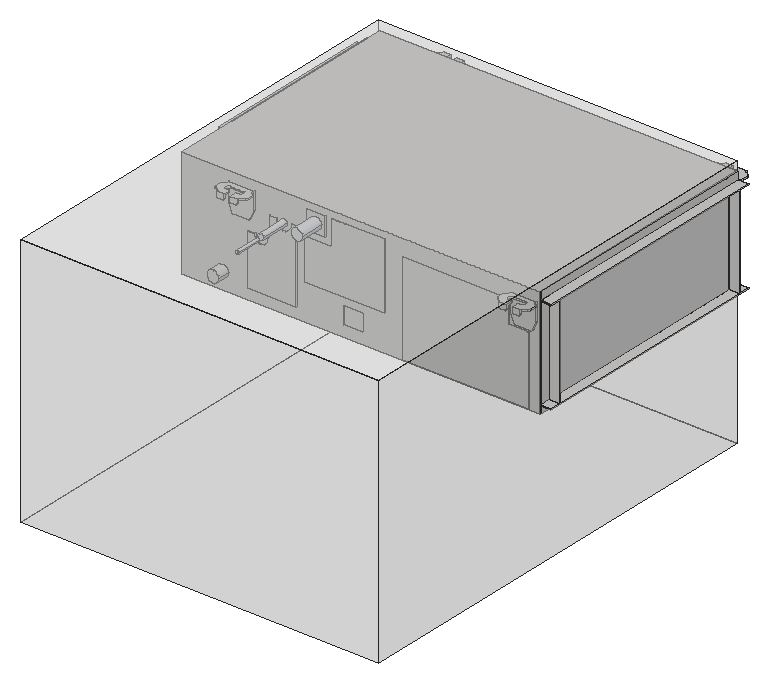
Revit family "outputfile", category 機械設備, Revit 2024
Family settings
  丸型コネクタ寸法 = 半径を使用
  パーツ タイプ = 標準
  OmniClass 番号 = 23.75.10.24.21.27.27
  OmniClass タイトル = Split System Air Conditioning Units
  作業面ベース = いいえ
  常に垂直 = はい
  ロード時にボイドで切り取り = いいえ
  注釈の向きを維持 = いいえ
  共有 = いいえ
  部屋計算ポイント = はい
Parameters (values of type "FXSQ32PAVS")
  Description = ""
  製造元 = "Daikin"
  書き出し IFC クラス(タイプ) = "IfcUnitaryEquipmentType"
  定義済み IFC タイプ(タイプ) = "AIRCONDITIONINGUNIT"
  Cost = 0
  モデル = "FXSQ32PAVS"
  Type Comments = ""
  Keynote = ""
  Type Image = (empty or 0)
  Assembly Code = ""
  r_Liquid Pipe Size = Liquid Pipe Size / 2  # 3.2 mm
  r_Gas Pipe Size = Gas Pipe Size / 2  # 6.35 mm
  r_Drain Pipe Size = Drain Pipe Size / 2  # 12.5 mm
  lw_power = 770.0 mm  # constant formula
  lh_SA = 138.0 mm  # constant formula
  lw_SA = if(Depth = 550.0 mm, 225.0 mm, if(Depth = 700.0 mm, 300.0 mm, if(Depth = 1000.0 mm, 450.0 mm, if(Depth = 1400.0 mm, 650.0 mm, 725.0 mm))))  # 225.0 mm
  lw_RA = if(Depth = 550.0 mm, 275.0 mm, if(Depth = 700.0 mm, 349.0 mm, if(Depth = 1000.0 mm, 499.0 mm, if(Depth = 1400.0 mm, 699.0 mm, 775.0 mm))))  # 275.0 mm
  lh_power = 60.0 mm + [h***]  # 60.0 mm
  lh_mountinghole1 = lh_mountinghole + [h***]  # 222.0 mm
  lh_RA = 123.0 mm  # constant formula
  ld_power = Depth / 2  # 275.0 mm
  Voltage_comment_50Hz = "220-240"
  Voltage_50Hz = 220 V
  URL = ""
  Supply Air Direction [instance] = yes
  Sound Power Level_H speed (dB) = 62
  Phase_50Hz = 1
  Minimum External Static Pressure = 30.00 Pa
  Minimum Circuit Amps_50Hz = 0.8 A
  Maximum Fuse Amps_50Hz = 16.0 A
  Maximum External Static Pressure = 150.00 Pa
  Material_Casing = DAIKIN_GalvanizedSteel_Casing_indoorunit
  lw_mountinghole = 630.0 mm  # constant formula
  lh_gaspipe = 183.0 mm + [h***]  # 183.0 mm
  lh_mountinghole = 222.0 mm  # constant formula
  lh_liquidpipe = 136.0 mm + [h***]  # 136.0 mm
  lh_drainpipe = 207.0 mm + [h***]  # 207.0 mm
  lh_antena = Height - lh_mountinghole + 1.0 mm  # 24.0 mm
  ld_drainpipe = Depth / 2 + 53.0 mm  # 328.0 mm
  ld_liquidpipe = Depth / 2 + 69.0 mm  # 344.0 mm
  ld_gaspipe = Depth / 2 + 65.0 mm  # 340.0 mm
  ld_mountinghole = Depth + 38.0 mm  # 588.0 mm
  h*** = 0.0 mm  # constant formula
  lw_liquidpipe = 179.0 mm  # constant formula
  lw_gaspipe = 229.0 mm  # constant formula
  lw_drainpipe = 300.0 mm  # constant formula
  Width = 800.0 mm
  Version = "ver.1.0"
  Unit Type = "Middle Static Pressure Duct Type"
  Unit Mass Weight = 25.00 kg
  Unit Designation [instance] = ""
  Uniclass2015Version = "Products v1.30"
  Uniclass2015Title = "Variable refrigerant flow units"
  Uniclass2015Code = "Pr_70_65_03_94"
  Total Heating Capacity [instance] = 0.000 kW
  Total Cooling Capacity [instance] = 0.000 kW
  Sound Pressure Level_M speed (dBA) = 0
  Sound Pressure Level_L speed (dBA) = 30
  Sound Pressure Level_H speed (dBA) = 34
  Series = "VRV Fan Coil Unit"
  Sensible Cooling Capacity [instance] = 0.000 kW
  SA Duct Size Width = if(Depth = 550.0 mm, 337.0 mm, if(Depth = 700.0 mm, 492.0 mm, if(Depth = 1000.0 mm, 792.0 mm, if(Depth = 1400.0 mm, 1192.0 mm, 1337.0 mm))))  # 337.0 mm
  SA Duct Size Height = 176.0 mm
  Refrigerant Type = "R410A"
  RA Duct Size Width = if(Depth = 550.0 mm, 502.0 mm, if(Depth = 700.0 mm, 654.0 mm, if(Depth = 1000.0 mm, 952.0 mm, if(Depth = 1400.0 mm, 1352.0 mm, 1502.0 mm))))  # 502.0 mm
  RA Duct Size Height = 208.0 mm
  Power Input (Heating) = 0.106 kW
  Power Input (Cooling) = 0.111 kW
  Option Accessory 3 [instance] = ""
  Option Accessory 2 [instance] = ""
  Option Accessory 1 [instance] = ""
  Nominal Heating Capacity = 4.000 kW
  Nominal Cooling Capacity = 3.600 kW
  Minimum Airflow = 420.00 m³/h
  Median Airflow = 480.00 m³/h
  Maximum Airflow = 570.00 m³/h
  Load Classification = HVAC
  Liquid Pipe Size = 6.4 mm
  Link_Nested Family [instance] = ""
  IfcVersion = "0"
  IfcExportType = "AIRCONDITIONINGUNIT"
  IfcExportAs = "IfcUnitaryEquipmentType"
  Height = 245.0 mm
  Heating Entering Wet Bulb Temperature [instance] = 0.00 °C
  Heating Entering Dry Bulb Temperature [instance] = 0.00 °C
  Heating Ambient Wet Bulb Temperature [instance] = 0.00 °C
  Heating Ambient Dry Bulb Temperature [instance] = 0.00 °C
  Heat Exchanger Type = "Cross Fin Coil"
  Gas Pipe Size = 12.7 mm
  Frequency_50Hz = 50 Hz
  Fan Type = "Sirocco Fan"
  Fan Drive = "Direct Drive"
  FCU Tag No. [instance] = ""
  Drain Pipe Size = 25.0 mm
  Design Supply Airflow [instance] = 0.00 m³/h
  Design Return Airflow [instance] = 0.00 m³/h
  Design External Static Pressure [instance] = 0.00 Pa
  Depth = 550.0 mm
  既定の高さ = 0.0 mm
  Cooling Entering Wet Bulb Temperature [instance] = 0.00 °C
  Cooling Entering Dry Bulb Temperature [instance] = 0.00 °C
  Cooling Ambient Wet Bulb Temperature [instance] = 0.00 °C
  Cooling Ambient Dry Bulb Temperature [instance] = 0.00 °C
  Clearance visibility [instance] = yes
  Clearance Top = 20.0 mm
  Clearance Right = 0.0 mm
  Clearance Rear = 0.0 mm
  Clearance Left = 0.0 mm
  Clearance Front = 450.0 mm
  Clearance Bottom = 300.0 mm
Reference planes
  plane 1 "Center (Front/Back)": y = 0
  plane 2 "h": z = 0
  plane 3 "Center (Left/Right)": x = 0
  plane 4 "Back": y = 275
  plane 5 "Front": y = -275
  plane 6 "Left": x = -400
  plane 7 "Reight": x = 400
  plane 8 "Top": z = 0
  plane 9 "Bottom": z = -245
  plane 10: y = -215
  plane 11: y = 275
  plane 12: y = -725
  plane 13: x = -400
  plane 14: x = 400
  plane 15: z = 20
  plane 16: z = -545
  plane 17: x = -400
  plane 18: x = -399
  plane 19: x = 399
  plane 20: y = 50
  plane 21: y = 0
  plane 22: z = -122
  plane 23: y = -276
  plane 24: z = -109
  plane 25: x = -221
  plane 26: y = -340
  plane 27: z = -62
  plane 28: x = -171
  plane 29: y = -328
  plane 30: z = -38
  plane 31: x = -100
  plane 32: x = -100
  plane 33: x = -221
  plane 34: x = -171
  plane 35: x = 370
  plane 36: x = -266
  plane 37: x = 364
  plane 38: y = -294
  plane 39: y = 294
  plane 40: z = -23
  plane 41: z = -107
  plane 42: y = -344
  plane 43: z = -207
  plane 44: x = -309
  plane 45: y = -301
  plane 46: x = -251
  plane 47: x = -203
  plane 48: x = -144
  plane 49: z = -59
  plane 50: z = -106
  plane 51: z = -221
  plane 52: z = -109
  plane 53: x = -221
  plane 54: z = -62
  plane 55: x = -171
  plane 56: z = -17
  plane 57: z = -59
  plane 58: x = -121
  plane 59: x = -79
  plane 60: x = -125
  plane 61: x = -64
  plane 62: x = 53
  plane 63: z = -164
  plane 64: z = -73
  plane 65: z = -16
  plane 66: x = 93.5
  plane 67: x = 374.5
  plane 68: x = 330
  plane 69: z = -88.5
  plane 70: z = -38
  plane 71: z = -242.5
  plane 72: x = -38.5
  plane 73: x = 6.5
  plane 74: z = -181
  plane 75: z = -221
  plane 76: y = -274
  plane 77: x = -424
  plane 78: x = 424
Forms (mm)
  Extrusion 1, solid, material "DAIKIN_GalvanizedSteel_Casing_indoorunit" <- "Material_Casing"
    sketch origin (0, 0, 0) x (1, 0, 0) y (0, 1, 0)
      loop
        line (-399, 275) -> (-399, -275) -> (399, -275) -> (399, 275) -> (-399, 275)
    from -245 to 0
  Extrusion 2, solid, material "DAIKIN_GalvanizedSteel_Casing_indoorunit" <- "Material_Casing"
    sketch origin (0, 0, 0) x (1, 0, 0) y (0, 0, 1)
      loop
        line (-251, -221) -> (-144, -221) -> (-144, -59) -> (-154.47, -59)
        arc (-154.47, -59) -> (-171, -78.8) -> (-187.53, -59) r 16.8
        line (-187.53, -59) -> (-203, -59) -> (-203, -106) -> (-206.916, -106)
        arc (-206.916, -106) -> (-221, -123.4) -> (-235.084, -106) r 14.4
        line (-235.084, -106) -> (-251, -106) -> (-251, -221)
    from 275 to 276
  Extrusion 3, solid, material "DAIKIN_GalvanizedSteel_Casing_indoorunit" <- "Material_Casing"
    sketch origin (0, 0, 0) x (1, 0, 0) y (0, 0, 1)
      loop
        line (-121, -17) -> (-121, -59) -> (-79, -59) -> (-79, -17) -> (-121, -17)
      loop
        line (-125, -73) -> (-125, -164) -> (53, -164) -> (53, -16) -> (-64, -16) -> (-64, -73) -> (-125, -73)
    from 275 to 276
  Extrusion 4, solid, material "DAIKIN_GalvanizedSteel_Casing_indoorunit" <- "Material_Casing"
    sketch origin (0, 0, 0) x (1, 0, 0) y (0, 0, 1)
      loop
        line (93.5, -38) -> (93.5, -242.5) -> (374.5, -242.5) -> (374.5, -88.5) -> (330, -88.5) -> (330, -38) -> (93.5, -38)
    from 275 to 276
  Extrusion 5, solid
    sketch origin (0, 0, 0) x (1, 0, 0) y (0, 0, 1)
      loop
        circle (-221, -109) r 3.2
    from 275 to 344
  Extrusion 6, solid
    sketch origin (0, 0, 0) x (1, 0, 0) y (0, 0, 1)
      loop
        circle (-171, -62) r 6.35
    from 275 to 340
  Extrusion 7, solid
    sketch origin (0, 0, 0) x (1, 0, 0) y (0, 0, 1)
      loop
        circle (-100, -38) r 12.5
    from 276 to 328
  Extrusion 8, solid, material "DAIKIN_GalvanizedSteel_Casing_indoorunit" <- "Material_Casing"
    sketch origin (0, 0, 0) x (1, 0, 0) y (0, 0, 1)
      loop
        circle (-309, -207) r 13
    from 275 to 301
  Extrusion 9, void
    sketch origin (0, 0, 0) x (1, 0, 0) y (0, 0, 1)
      loop
        line (-38.5, -181) -> (-38.5, -221) -> (6.5, -221) -> (6.5, -181) -> (-38.5, -181)
    from 274 to 275
Cuts and joins
  Extrusion 9 cuts Extrusion 1
Dimensions and locks
  "Height": plane 8 "Top" to plane 9 "Bottom"
  equal spacing: plane 4 "Back", plane 1 "Center (Front/Back)", plane 5 "Front"
  "Depth": plane 4 "Back" to plane 5 "Front"
  equal spacing: plane 6 "Left", plane 3 "Center (Left/Right)", plane 7 "Reight"
  "Width": plane 6 "Left" to plane 7 "Reight"
  "Clearance Left": plane 13 to plane 6 "Left"
  "Clearance Right": plane 7 "Reight" to plane 14
  "Clearance Rear": plane 11 to plane 4 "Back"
  "Clearance Front": plane 5 "Front" to plane 12
  "Clearance Top": plane 15 to plane 8 "Top"
  "Clearance Bottom": plane 9 "Bottom" to plane 16
  locked: plane 17 to plane 18 at 1
  locked: plane 19 to plane 14 at 1
  "lw_SA": plane 11 to plane 20
  "lw_RA": plane 21 to plane 5 "Front"
  "lh_RA": plane 22 to plane 9 "Bottom"
  locked: plane 5 "Front" to plane 23 at 1
  "lw_liquidpipe": plane 25 to plane 6 "Left"
  "lh_liquidpipe": plane 24 to plane 9 "Bottom"
  "lh_gaspipe": plane 27 to plane 9 "Bottom"
  "lw_gaspipe": plane 28 to plane 6 "Left"
  "ld_gaspipe": plane 26 to plane 1 "Center (Front/Back)"
  "ld_drainpipe": plane 29 to plane 1 "Center (Front/Back)"
  "lh_drainpipe": plane 30 to plane 9 "Bottom"
  "lw_drainpipe": plane 31 to plane 6 "Left"
  "lw_drainpipe": plane 6 "Left" to plane 32
  "lw_liquidpipe": plane 6 "Left" to plane 33
  "lw_gaspipe": plane 6 "Left" to plane 34
  "lw_power": plane 6 "Left" to plane 35
  locked: plane 17 to plane 36 at 134
  "lw_mountinghole": plane 36 to plane 37
  equal spacing: plane 38, plane 1 "Center (Front/Back)", plane 39
  "ld_mountinghole": plane 39 to plane 38
  "lh_mountinghole": plane 40 to plane 9 "Bottom"
  "lh_SA": plane 41 to plane 9 "Bottom"
  "ld_liquidpipe": plane 21 to plane 42
  locked: plane 44 to plane 6 "Left" at 91
  locked: plane 43 to plane 9 "Bottom" at 38
  locked: plane 5 "Front" to plane 45 at 26
  plane 48 to plane 47 to plane 46 to plane 6 "Left" = 59.0 mm, 48.0 mm, 149.0 mm
  plane 8 "Top" to plane 49 to plane 50 to plane 51 = 59.0 mm locked, 47.0 mm locked, 115.0 mm locked
  plane 55 to plane 53 to plane 6 "Left" = 50.0 mm locked, 179.0 mm locked
  plane 54 to plane 52 to plane 9 "Bottom" = 47.0 mm locked, 136.0 mm locked
  plane 59 to plane 58 to plane 6 "Left" = 42.0 mm locked, 279.0 mm locked
  plane 8 "Top" to plane 56 to plane 57 = 17.0 mm locked, 42.0 mm locked
  plane 62 to plane 61 to plane 60 to plane 6 "Left" = 117.0 mm, 61.0 mm, 275.0 mm
  plane 8 "Top" to plane 65 to plane 64 = 16.0 mm locked, 57.0 mm locked
  locked: plane 65 to plane 63 at 148
  plane 8 "Top" to plane 70 to plane 69 to plane 71 = 38.0 mm locked, 50.5 mm locked, 154.0 mm locked
  plane 67 to plane 68 to plane 66 to plane 6 "Left" = 44.5 mm locked, 236.5 mm locked, 493.5 mm locked
  plane 8 "Top" to plane 74 to plane 75 = 181.0 mm locked, 40.0 mm locked
  plane 73 to plane 72 to plane 6 "Left" = 45.0 mm, 361.5 mm
  locked: plane 76 to plane 5 "Front" at 1
  locked: plane 77 to plane 17 at 24
  locked: plane 14 to plane 78 at 24
  "r_Liquid Pipe Size": radius of Extrusion 5 sketch curve
  "r_Gas Pipe Size": radius of Extrusion 6 sketch curve
  "r_Drain Pipe Size": radius of Extrusion 7 sketch curve
  aligned and locked: level to plane 2 "h"
  aligned and locked: plane 8 "Top" to Extrusion 1
  aligned and locked: Extrusion 1 to plane 9 "Bottom"
  aligned and locked: nested 5 to plane 12
  aligned and locked: plane 13 to nested 5
  aligned and locked: plane 14 to nested 5
  aligned and locked: nested 5 to plane 13
  aligned and locked: plane 11 to nested 5
  aligned and locked: plane 15 to nested 5
  aligned and locked: plane 16 to nested 5
  aligned and locked: plane 5 "Front" to Extrusion 1 sketch curve
  aligned and locked: Extrusion 1 to plane 18
  aligned and locked: plane 19 to Extrusion 1
  aligned and locked: nested 7 to plane 18
  aligned and locked: nested 7 to plane 20
  aligned and locked: plane 19 to nested 8
  aligned and locked: plane 21 to nested 8
  aligned and locked: plane 22 to nested 8
  aligned and locked: Extrusion 2 to plane 23
  aligned and locked: plane 5 "Front" to Extrusion 2
  aligned and locked: Extrusion 3 to plane 23
  aligned and locked: plane 5 "Front" to Extrusion 3
  aligned and locked: plane 5 "Front" to Extrusion 4
  aligned and locked: Extrusion 5 sketch curve to plane 25
  aligned and locked: plane 24 to Extrusion 5 sketch curve
  aligned and locked: plane 5 "Front" to Extrusion 5
  aligned and locked: Extrusion 6 sketch curve to plane 28
  aligned and locked: plane 27 to Extrusion 6 sketch curve
  aligned and locked: plane 5 "Front" to Extrusion 6
  aligned and locked: Extrusion 7 sketch curve to plane 31
  aligned and locked: Extrusion 7 sketch curve to plane 30
  aligned and locked: Extrusion 7 to plane 29
  aligned and locked: plane 23 to Extrusion 7
  aligned and locked: nested 3 to plane 29
  aligned and locked: plane 32 to nested 3
  aligned and locked: nested 2 to plane 33
  aligned and locked: nested 1 to plane 34
  aligned and locked: Extrusion 6 to plane 26
  aligned and locked: nested 1 to plane 26
  aligned and locked: nested 6 to plane 5 "Front"
  aligned and locked: plane 35 to nested 6
  aligned and locked: plane 36 to nested 10
  aligned and locked: nested 10 to plane 5 "Front"
  aligned and locked: plane 37 to nested 9
  aligned and locked: nested 9 to plane 5 "Front"
  aligned and locked: nested 11 to plane 36
  aligned and locked: plane 4 "Back" to nested 11
  aligned and locked: nested 12 to plane 37
  aligned and locked: plane 4 "Back" to nested 12
  aligned and locked: plane 40 to nested 10
  aligned and locked: plane 40 to nested 11
  aligned and locked: plane 40 to nested 9
  aligned and locked: plane 40 to nested 12
  aligned and locked: plane 36 to nested 14
  aligned and locked: nested 14 to plane 39
  aligned and locked: plane 37 to nested 13
  aligned and locked: nested 13 to plane 39
  aligned and locked: plane 37 to nested 16
  aligned and locked: plane 38 to nested 16
  aligned and locked: plane 38 to nested 15
  aligned and locked: plane 36 to nested 15
  aligned and locked: plane 17 to plane 6 "Left"
  aligned and locked: plane 41 to nested 7
  aligned and locked: Extrusion 5 to plane 42
  aligned and locked: nested 2 to plane 42
  aligned and locked: Extrusion 8 sketch curve to plane 44
  aligned and locked: plane 43 to Extrusion 8 sketch curve
  aligned and locked: plane 5 "Front" to Extrusion 8
  aligned and locked: plane 45 to Extrusion 8
  aligned and locked: Extrusion 3 sketch curve to plane 56
  aligned and locked: Extrusion 3 sketch curve to plane 58
  aligned and locked: plane 57 to Extrusion 3 sketch curve
  aligned and locked: plane 59 to Extrusion 3 sketch curve
  aligned and locked: Extrusion 4 to plane 23
  aligned and locked: Extrusion 9 sketch curve to plane 74
  aligned and locked: plane 75 to Extrusion 9 sketch curve
  aligned and locked: plane 73 to Extrusion 9 sketch curve
  aligned and locked: plane 5 "Front" to Extrusion 9
  aligned and locked: plane 76 to Extrusion 9
  aligned and locked: nested 17 to plane 20
  aligned and locked: nested 17 to plane 77
  aligned and locked: plane 21 to nested 18
  aligned and locked: plane 78 to nested 18
  aligned and locked: plane 41 to nested 17
  aligned and locked: nested 18 to plane 22
  aligned and locked: nested 4 to plane 3 "Center (Left/Right)"
  aligned and locked: plane 1 "Center (Front/Back)" to nested 4
  aligned and locked: level to plane 8 "Top"
Automatic sketch dimensions
  plane 6 "Left" to Extrusion 1 sketch curve = 1.0 mm
  Extrusion 1 sketch curve to plane 7 "Reight" = 1.0 mm
  Extrusion 1 sketch curve to plane 4 "Back" = 0.0 mm
  Extrusion 2 sketch curve to plane 46 = 0.0 mm
  Extrusion 2 sketch curve to plane 33 = 0.0 mm
  Extrusion 2 sketch curve to plane 47 = 0.0 mm
  Extrusion 2 sketch curve to plane 34 = 0.0 mm
  Extrusion 2 sketch curve to plane 48 = 0.0 mm
  Extrusion 2 sketch curve to plane 51 = 0.0 mm
  Extrusion 2 sketch curve to plane 52 = 0.0 mm
  Extrusion 2 sketch curve to plane 50 = 0.0 mm  (x3)
  Extrusion 2 sketch curve to plane 54 = 0.0 mm
  Extrusion 2 sketch curve to plane 49 = 0.0 mm  (x3)
  plane 33 to Extrusion 2 sketch curve = 14.084 mm
  plane 34 to Extrusion 2 sketch curve = 16.53 mm
  Extrusion 3 sketch curve to plane 60 = 0.0 mm
  Extrusion 3 sketch curve to plane 61 = 0.0 mm
  Extrusion 3 sketch curve to plane 62 = 0.0 mm
  Extrusion 3 sketch curve to plane 63 = 0.0 mm
  Extrusion 3 sketch curve to plane 64 = 0.0 mm
  Extrusion 3 sketch curve to plane 65 = 0.0 mm
  Extrusion 4 sketch curve to plane 66 = 0.0 mm
  Extrusion 4 sketch curve to plane 68 = 0.0 mm
  Extrusion 4 sketch curve to plane 67 = 0.0 mm
  Extrusion 4 sketch curve to plane 71 = 0.0 mm
  Extrusion 4 sketch curve to plane 69 = 0.0 mm
  Extrusion 4 sketch curve to plane 70 = 0.0 mm
  Extrusion 9 sketch curve to plane 72 = 0.0 mm
  radius of Extrusion 8 sketch curve = 13.0 mm
Nested families
  nested 1: "daikin_connector_rotate2" at (-171, 0, -62), length <- "ld_gaspipe", built-in parameter 1001364 <- "lh_gaspipe", radius <- "r_Gas Pipe Size", type "daikin_connector_rotate2"
    with radius 6.35 mm, length 340.0 mm, angle_vertical 90.00°
  nested 2: "daikin_connector_rotate2" at (-221, 0, -109), length <- "ld_liquidpipe", built-in parameter 1001364 <- "lh_liquidpipe", radius <- "r_Liquid Pipe Size", type "daikin_connector_rotate2"
    with radius 3.2 mm, length 344.0 mm, angle_vertical 90.00°
  nested 3: "daikin_connector_rotate2" at (-100, 0, -38), length <- "ld_drainpipe", built-in parameter 1001364 <- "lh_drainpipe", radius <- "r_Drain Pipe Size", type "daikin_connector_rotate2"
    with radius 12.5 mm, length 328.0 mm, angle_vertical 90.00°
  nested 4: "daikin_△_symbolicline" at (0, 0, 245) x (0, -1, 0) z (0, 0, 1), built-in parameter 1001364 <- "Height", visible <- "Supply Air Direction", type "daikin_△_symbolicline"
    with length 200.0 mm
  nested 5: "daikin_clearancespace" at (0, -225, -262.381), visible <- "Clearance visibility", show <- "Clearance visibility", Link_Nested Family <- "Link_Nested Family", type "daikin_clearancespace"
    with width 800.0 mm, show yes, height 565.0 mm, depth 1000.0 mm, Link_Nested Family ""
  nested 6: "daikin_connector_rotate2" at (370, 0, -185), built-in parameter 1001364 <- "lh_power", length <- "ld_power", type "daikin_connector_rotate2"
    with radius 10.0 mm, length 275.0 mm, angle_vertical 90.00°
  nested 7: "daikin_ductflange_FXSQ-PAVS2" at (-399, 50, -107) x (0, -1, 0) z (0, 0, 1), type "daikin_ductflange_FXSQ-PAVS2"
  nested 8: "daikin_ductflange_FXSQ-PAVS" at (399, 0, -122) x (0, 1, 0) z (0, 0, 1), type "daikin_ductflange_FXSQ-PAVS"
  nested 9: "daikin_hangerfixture_FXSQ-PAVS" at (364, -275, -23), type "daikin_hangerfixture_FXSQ-PAVS"
  nested 10: "daikin_hangerfixture_FXSQ-PAVS" at (-266, -275, -23), type "daikin_hangerfixture_FXSQ-PAVS"
  nested 11: "daikin_hangerfixture_FXSQ-PAVS" at (-266, 275, -23) x (-1, 0, 0) z (0, 0, 1), type "daikin_hangerfixture_FXSQ-PAVS"
  nested 12: "daikin_hangerfixture_FXSQ-PAVS" at (364, 275, -23) x (-1, 0, 0) z (0, 0, 1), type "daikin_hangerfixture_FXSQ-PAVS"
  nested 13: "daikin_mountinghole" at (364, 294, -245), h_mountinghole <- "lh_mountinghole1", l_antenna <- "lh_antena", Link_Nested Family <- "Link_Nested Family", type "daikin_mountinghole"
    with show yes, l_antenna 24.0 mm, h_mountinghole 222.0 mm, Link_Nested Family ""
  nested 14: "daikin_mountinghole" at (-266, 294, -245), h_mountinghole <- "lh_mountinghole1", l_antenna <- "lh_antena", Link_Nested Family <- "Link_Nested Family", type "daikin_mountinghole"
    with show yes, l_antenna 24.0 mm, h_mountinghole 222.0 mm, Link_Nested Family ""
  nested 15: "daikin_mountinghole" at (-266, -294, -245), h_mountinghole <- "lh_mountinghole1", l_antenna <- "lh_antena", Link_Nested Family <- "Link_Nested Family", type "daikin_mountinghole"
    with show yes, l_antenna 24.0 mm, h_mountinghole 222.0 mm, Link_Nested Family ""
  nested 16: "daikin_mountinghole" at (364, -294, -245), h_mountinghole <- "lh_mountinghole1", l_antenna <- "lh_antena", Link_Nested Family <- "Link_Nested Family", type "daikin_mountinghole"
    with show yes, l_antenna 24.0 mm, h_mountinghole 222.0 mm, Link_Nested Family ""
  nested 17: "daikin_connector_rotate2" at (-400, 50, -107) x (0, -1, 0) z (0, 0, 1), type "daikin_connector_rotate2"
    with radius 10.0 mm, length 24.0 mm, angle_vertical 90.00°
  nested 18: "daikin_connector_rotate2" at (400, 0, -122) x (0, 1, 0) z (0, 0, 1), type "daikin_connector_rotate2"
    with radius 10.0 mm, length 24.0 mm, angle_vertical 90.00°
Connectors
  piping at (-100, -328, -38), diameter 25, driven by "r_Drain Pipe Size"
    settings: on nested 3, index 3, connector inside diameter 609.6 mm, connector length 0.0 mm, flow factor 0, pipe flow 0.00 m³/h, pressure drop 0.0 Pa, fitting loss kfactor 0, connector angle 0.00°, fixture units 0, engagement length 0.0 mm, angle of deflection 0.00°, flow configuration 1, flow direction 2, fitting loss method 4, system type 16, joint type 0, gender type 0, connector reference index -1, connector utility 0, adjustable connector no, is connector primary yes, connector description "Condensate Drain Piping"
  piping at (-171, -340, -62), diameter 12.7, driven by "r_Gas Pipe Size"
    settings: on nested 1, index 4, connector inside diameter 609.6 mm, connector length 0.0 mm, flow factor 0, pipe flow 0.00 m³/h, pressure drop 0.0 Pa, fitting loss kfactor 0, connector angle 0.00°, fixture units 0, engagement length 0.0 mm, angle of deflection 0.00°, flow configuration 1, flow direction 2, fitting loss method 0, system type 29, joint type 0, gender type 0, connector reference index -1, connector utility 0, adjustable connector no, is connector primary no, connector description "Refrigerant Gas Piping"
  piping at (-221, -344, -109), diameter 6.4, driven by "r_Liquid Pipe Size"
    settings: on nested 2, index 5, connector inside diameter 609.6 mm, connector length 0.0 mm, flow factor 0, pipe flow 0.00 m³/h, pressure drop 0.0 Pa, fitting loss kfactor 0, connector angle 0.00°, fixture units 0, engagement length 0.0 mm, angle of deflection 0.00°, flow configuration 1, flow direction 1, fitting loss method 0, system type 29, joint type 0, gender type 0, connector reference index -1, connector utility 0, adjustable connector no, is connector primary no, connector description "Refrigerant Liquid Piping"
  electrical at (370, -275, -185), driven by "Load Classification"
    settings: on nested 6, index 6, voltage 0 V, apparent load 0 VA, apparent load phase1 0 VA, apparent load phase2 0 VA, apparent load phase3 0 VA, power factor 1, load classification "HVAC", number of poles 1, system type 30, power factor state 1, is connector primary yes, connector utility no, sub classification motor no, connector description "Power Supply"
  hvac at (-424, 50, -107), driven by "SA Duct Size Height", driven by "SA Duct Size Width"
    settings: on nested 17, index 7, duct flow 0.00 m³/h, flow factor 0, pres drop 0.00 Pa, loss coef 0, conn angle 0.00°, conn width 337.0 mm, conn height 176.0 mm, conn diameter 609.6 mm, duct sys type 1, conn prof type 1, flow config 0, flow direction 2, loss method 4, conn ref index -1, conn util no, is conn primary yes, conn desc "SA Duct"
  hvac at (424, 0, -122), driven by "RA Duct Size Height", driven by "RA Duct Size Width"
    settings: on nested 18, index 8, duct flow 0.00 m³/h, flow factor 0, pres drop 0.00 Pa, loss coef 0, conn angle 0.00°, conn width 502.0 mm, conn height 208.0 mm, conn diameter 609.6 mm, duct sys type 2, conn prof type 1, flow config 0, flow direction 1, loss method 4, conn ref index -1, conn util no, is conn primary no, conn desc "RA Duct"
Definition of nested family "daikin_clearancespace"
  Parameters (values of type "daikin_clearancespace")
    width [instance] = 1823.963 mm
    show [instance] = yes
    material = none
    height [instance] = 1359.762 mm
    depth [instance] = 880.0 mm
    Default Elevation = 0.0 mm
    Link_Nested Family [instance] = ""
  Reference planes
    plane 1 "Center (Front/Back)": y = 0
    plane 2 "Center (Elevation)": z = -0.119
    plane 3 "Center (Left/Right)": x = 0
    plane 4: y = 440
    plane 5: y = -440
    plane 6 "Right": x = 911.982
    plane 7 "Left": x = -911.982
    plane 8 "Top": z = 679.762
    plane 9 "Bottom": z = -680
  Forms (mm)
    Extrusion 1, solid, material <- "material", visible <- "show"
      sketch origin (0, 0, 0) x (1, 0, 0) y (0, 1, 0)
        loop
          line (-911.982, 440) -> (-911.982, -440) -> (911.982, -440) -> (911.982, 440) -> (-911.982, 440)
      from -680 to 679.762
  Lines and regions (mm)
    symbolic lines, visible <- "show"
      curve 1: line (911.982, 440, 0) -> (-911.982, 440, 0)
      curve 2: line (-911.982, 440, 0) -> (-911.982, -440, 0)
      curve 3: line (-911.982, -440, 0) -> (911.982, -440, 0)
      curve 4: line (911.982, -440, 0) -> (911.982, 440, 0)
      curve 5: line (911.982, 0, 679.762) -> (-911.982, 0, 679.762)
      curve 6: line (911.982, 0, -680) -> (911.982, 0, 679.762)
      curve 7: line (-911.982, 0, -680) -> (911.982, 0, -680)
      curve 8: line (-911.982, 0, 679.762) -> (-911.982, 0, -680)
      curve 9: line (0, 440, 679.762) -> (0, -440, 679.762)
      curve 10: line (0, -440, 679.762) -> (0, -440, -680)
      curve 11: line (0, 440, -680) -> (0, 440, 679.762)
      curve 12: line (0, -440, -680) -> (0, 440, -680)
  Dimensions and locks
    "width": plane 7 "Left" to plane 6 "Right"
    "depth": plane 4 to plane 5
    "height": plane 8 "Top" to plane 9 "Bottom"
    equal spacing: plane 7 "Left", plane 3 "Center (Left/Right)", plane 6 "Right"
    equal spacing: plane 4, plane 1 "Center (Front/Back)", plane 5
    equal spacing: plane 8 "Top", plane 2 "Center (Elevation)", plane 9 "Bottom"
    aligned and locked: level to plane 2 "Center (Elevation)"
    aligned and locked: Extrusion 1 sketch curve to plane 4
    aligned and locked: plane 7 "Left" to Extrusion 1 sketch curve
    aligned and locked: Extrusion 1 sketch curve to plane 5
    aligned and locked: Extrusion 1 sketch curve to plane 6 "Right"
    aligned and locked: plane 8 "Top" to Extrusion 1
    aligned and locked: curve 1 to Extrusion 1
    aligned and locked: curve 2 to Extrusion 1
    aligned and locked: curve 3 to Extrusion 1
    aligned and locked: curve 4 to Extrusion 1
    aligned and locked: curve 5 to Extrusion 1
    aligned and locked: curve 6 to Extrusion 1
    aligned and locked: curve 7 to Extrusion 1
    aligned and locked: curve 8 to Extrusion 1
    aligned and locked: curve 9 to Extrusion 1
    aligned and locked: curve 10 to Extrusion 1
    aligned and locked: curve 11 to Extrusion 1
    aligned and locked: curve 12 to Extrusion 1
    aligned and locked: Extrusion 1 to plane 9 "Bottom"
Definition of nested family "daikin_ductflange_FXSQ-PAVS2"
  Parameters (values of type "daikin_ductflange_FXMQ-PAVE2")
    width = if(w = 550.0 mm, 337.0 mm, if(w = 700.0 mm, 492.0 mm, if(w = 1000.0 mm, 792.0 mm, if(w = 1400.0 mm, 1192.0 mm, 1337.0 mm))))  # 337.0 mm
    material = none
    height = 215.0 mm
    depth = 1.0 mm
    w = 550.0 mm
    Default Elevation = 0.0 mm
  Reference planes
    plane 1 "Center (Front/Back)": y = 0
    plane 2: z = 0
    plane 3 "Center (Left/Right)": x = 0
    plane 4: z = 88
    plane 5: z = -88
    plane 6: y = -25
    plane 7: z = 106
    plane 8: z = 89
    plane 9: y = -1
    plane 10: x = -192.5
    plane 11: x = 192.5
    plane 12: z = -106
    plane 13: z = -89
    plane 14: y = -1
    plane 15: x = 168.5
    plane 16: x = -168.5
    plane 17: x = 169.5
    plane 18: z = 87
    plane 19: z = -87
    plane 20: x = -169.5
    plane 21: z = 87
    plane 22: z = -87
    plane 23: y = -1
  Forms (mm)
    Extrusion 1, solid, material <- "material"
      sketch origin (0, 0, 0) x (0, 1, 0) y (0, 0, 1)
        loop
          line (-25, 88) -> (0, 88) -> (0, 106) -> (-1, 106) -> (-1, 89) -> (-25, 89) -> (-25, 88)
      from -192.5 to 192.5
    Extrusion 2, solid, material <- "material"
      sketch origin (0, 0, 0) x (0, 1, 0) y (0, 0, 1)
        loop
          line (-25, -88) -> (-25, -89) -> (-1, -89) -> (-1, -106) -> (0, -106) -> (0, -88) -> (-25, -88)
      from -192.5 to 192.5
    Extrusion 3, solid, material <- "material"
      sketch origin (0, 0, 0) x (1, 0, 0) y (0, 0, 1)
        loop
          line (168.5, 88) -> (168.5, -88) -> (192.5, -88) -> (192.5, -87) -> (169.5, -87) -> (169.5, 87) -> (192.5, 87) -> (192.5, 88) -> (168.5, 88)
      from 0 to 25
    Extrusion 4, solid, material <- "material"
      sketch origin (0, 0, 0) x (1, 0, 0) y (0, 0, 1)
        loop
          line (-192.5, 88) -> (-192.5, 87) -> (-169.5, 87) -> (-169.5, -87) -> (-192.5, -87) -> (-192.5, -88) -> (-168.5, -88) -> (-168.5, 88) -> (-192.5, 88)
      from 0 to 25
    Extrusion 5, solid, material <- "material"
      sketch origin (0, 0, 0) x (1, 0, 0) y (0, 0, 1)
        loop
          line (-192.5, 88) -> (-192.5, -88) -> (-168.5, -88) -> (-168.5, 88) -> (-192.5, 88)
        loop
          line (192.5, 88) -> (168.5, 88) -> (168.5, -88) -> (192.5, -88) -> (192.5, 88)
      from 0 to 1
  Cuts and joins
    joined: Extrusion 1, Extrusion 2, Extrusion 3, Extrusion 4, Extrusion 5
  Dimensions and locks
    plane 4 to level to plane 5 = 88.0 mm, 88.0 mm
    locked: plane 6 to plane 1 "Center (Front/Back)" at 25
    locked: plane 9 to plane 1 "Center (Front/Back)" at 1
    locked: plane 8 to plane 4 at 1
    locked: plane 16 to plane 10 at 24
    locked: plane 17 to plane 15 at 1
    locked: plane 4 to plane 18 at 1
    locked: plane 19 to plane 5 at 1
    "width": plane 15 to plane 16
    plane 4 to plane 5 = 176.0 mm
    locked: plane 16 to plane 20 at 1
    locked: plane 4 to plane 21 at 1
    locked: plane 22 to plane 5 at 1
    locked: plane 23 to plane 1 "Center (Front/Back)" at 1
    plane 4 to level to plane 5 = 88.0 mm locked, 88.0 mm locked
    locked: plane 5 to plane 13 at 1
    locked: plane 5 to plane 12 at 18
    locked: plane 7 to plane 4 at 18
    equal spacing: plane 15, plane 3 "Center (Left/Right)", plane 16
    locked: plane 11 to plane 15 at 24
    plane 11 to plane 10 = 385.0 mm
    aligned and locked: level to plane 2
    aligned and locked: Extrusion 1 to plane 10
    aligned and locked: plane 11 to Extrusion 1
    aligned and locked: plane 5 to Extrusion 2
    aligned and locked: Extrusion 2 to plane 1 "Center (Front/Back)"
    aligned and locked: plane 15 to Extrusion 3 sketch curve
    aligned and locked: Extrusion 3 sketch curve to Extrusion 2  (x2)
    aligned and locked: Extrusion 3 sketch curve to plane 11
    aligned and locked: plane 6 to Extrusion 3
    aligned and locked: Extrusion 2 to plane 10
    aligned and locked: plane 11 to Extrusion 2
    aligned and locked: Extrusion 4 sketch curve to Extrusion 1  (x2)
    aligned and locked: plane 5 to Extrusion 4 sketch curve
    aligned and locked: Extrusion 4 sketch curve to plane 16
    aligned and locked: Extrusion 4 sketch curve to plane 22
    aligned and locked: plane 20 to Extrusion 4 sketch curve
    aligned and locked: plane 21 to Extrusion 4 sketch curve
    aligned and locked: Extrusion 4 to plane 1 "Center (Front/Back)"
    aligned and locked: plane 6 to Extrusion 4
    aligned and locked: Extrusion 5 sketch curve to Extrusion 1  (x4)
    aligned and locked: Extrusion 5 sketch curve to Extrusion 4  (x2)
    aligned and locked: Extrusion 5 sketch curve to Extrusion 3  (x2)
    aligned and locked: Extrusion 5 to plane 1 "Center (Front/Back)"
    aligned and locked: plane 23 to Extrusion 5
  Automatic sketch dimensions
    Extrusion 1 sketch curve to plane 6 = 0.0 mm
    Extrusion 1 sketch curve to plane 7 = 0.0 mm
    Extrusion 1 sketch curve to plane 9 = 0.0 mm
    Extrusion 1 sketch curve to plane 1 "Center (Front/Back)" = 0.0 mm
    Extrusion 1 sketch curve to plane 4 = 0.0 mm
    Extrusion 1 sketch curve to plane 8 = 0.0 mm
    Extrusion 2 sketch curve to plane 6 = 0.0 mm
    plane 12 to Extrusion 2 sketch curve = 0.0 mm
    Extrusion 2 sketch curve to plane 14 = 0.0 mm
    Extrusion 2 sketch curve to plane 1 "Center (Front/Back)" = 0.0 mm
    plane 13 to Extrusion 2 sketch curve = 0.0 mm
    Extrusion 2 sketch curve to plane 5 = 0.0 mm
    Extrusion 3 sketch curve to plane 17 = 0.0 mm
    Extrusion 3 sketch curve to plane 19 = 0.0 mm
    Extrusion 3 sketch curve to plane 18 = 0.0 mm
    Extrusion 3 sketch curve to plane 4 = 0.0 mm
    Extrusion 4 sketch curve to plane 10 = 0.0 mm
Definition of nested family "daikin_ductflange_FXSQ-PAVS"
  Parameters (values of type "daikin_ductflange_FXMQ-PAVE")
    width = if(w = 550.0 mm, 502.0 mm, if(w = 700.0 mm, 654.0 mm, if(w = 1000.0 mm, 952.0 mm, if(w = 1400.0 mm, 1352.0 mm, 1502.0 mm))))  # 502.0 mm
    material = none
    height = 208.0 mm
    depth = 1.0 mm
    w = 550.0 mm
    Default Elevation = 0.0 mm
  Reference planes
    plane 1 "Center (Front/Back)": y = 0
    plane 2: z = 0
    plane 3 "Center (Left/Right)": x = 0
    plane 4: z = 104
    plane 5: z = -104
    plane 6: y = -25
    plane 7: z = 121
    plane 8: z = 105
    plane 9: y = -1
    plane 10: x = -275
    plane 11: x = 275
    plane 12: z = -122
    plane 13: z = -105
    plane 14: y = -1
    plane 15: x = 251
    plane 16: x = -251
    plane 17: x = 252
    plane 18: z = 103
    plane 19: z = -103
    plane 20: x = -252
    plane 21: z = 103
    plane 22: z = -103
    plane 23: y = -1
  Forms (mm)
    Extrusion 1, solid, material <- "material"
      sketch origin (0, 0, 0) x (0, 1, 0) y (0, 0, 1)
        loop
          line (-25, 104) -> (0, 104) -> (0, 121) -> (-1, 121) -> (-1, 105) -> (-25, 105) -> (-25, 104)
      from -275 to 275
    Extrusion 2, solid, material <- "material"
      sketch origin (0, 0, 0) x (0, 1, 0) y (0, 0, 1)
        loop
          line (-25, -104) -> (-25, -105) -> (-1, -105) -> (-1, -122) -> (0, -122) -> (0, -104) -> (-25, -104)
      from -275 to 275
    Extrusion 3, solid, material <- "material"
      sketch origin (0, 0, 0) x (1, 0, 0) y (0, 0, 1)
        loop
          line (251, 104) -> (251, -104) -> (275, -104) -> (275, -103) -> (252, -103) -> (252, 103) -> (275, 103) -> (275, 104) -> (251, 104)
      from 0 to 25
    Extrusion 4, solid, material <- "material"
      sketch origin (0, 0, 0) x (1, 0, 0) y (0, 0, 1)
        loop
          line (-275, 104) -> (-275, 103) -> (-252, 103) -> (-252, -103) -> (-275, -103) -> (-275, -104) -> (-251, -104) -> (-251, 104) -> (-275, 104)
      from 0 to 25
    Extrusion 5, solid, material <- "material"
      sketch origin (0, 0, 0) x (1, 0, 0) y (0, 0, 1)
        loop
          line (-275, 104) -> (-275, -104) -> (-251, -104) -> (-251, 104) -> (-275, 104)
        loop
          line (275, 104) -> (251, 104) -> (251, -104) -> (275, -104) -> (275, 104)
      from 0 to 1
  Cuts and joins
    joined: Extrusion 1, Extrusion 2, Extrusion 3, Extrusion 4, Extrusion 5
  Dimensions and locks
    plane 4 to level to plane 5 = 104.0 mm, 104.0 mm
    locked: plane 6 to plane 1 "Center (Front/Back)" at 25
    locked: plane 9 to plane 1 "Center (Front/Back)" at 1
    locked: plane 8 to plane 4 at 1
    locked: plane 11 to plane 15 at 24
    locked: plane 16 to plane 10 at 24
    locked: plane 17 to plane 15 at 1
    locked: plane 4 to plane 18 at 1
    locked: plane 19 to plane 5 at 1
    "width": plane 15 to plane 16
    equal spacing: plane 15, plane 3 "Center (Left/Right)", plane 16
    locked: plane 16 to plane 20 at 1
    locked: plane 4 to plane 21 at 1
    locked: plane 22 to plane 5 at 1
    locked: plane 23 to plane 1 "Center (Front/Back)" at 1
    locked: plane 7 to plane 4 at 17
    locked: plane 1 "Center (Front/Back)" to plane 14 at 1
    locked: plane 5 to plane 13 at 1
    "height": plane 4 to plane 5
    plane 11 to plane 10 = 550.0 mm
    locked: plane 12 to plane 13 at 17
    equal spacing: plane 4, level, plane 5
    aligned and locked: level to plane 2
    aligned and locked: Extrusion 1 to plane 10
    aligned and locked: plane 11 to Extrusion 1
    aligned and locked: plane 5 to Extrusion 2
    aligned and locked: Extrusion 2 to plane 1 "Center (Front/Back)"
    aligned and locked: plane 15 to Extrusion 3 sketch curve
    aligned and locked: Extrusion 3 sketch curve to Extrusion 2  (x2)
    aligned and locked: Extrusion 3 sketch curve to plane 11
    aligned and locked: plane 6 to Extrusion 3
    aligned and locked: Extrusion 2 to plane 10
    aligned and locked: plane 11 to Extrusion 2
    aligned and locked: Extrusion 4 sketch curve to Extrusion 1  (x2)
    aligned and locked: plane 5 to Extrusion 4 sketch curve
    aligned and locked: Extrusion 4 sketch curve to plane 16
    aligned and locked: Extrusion 4 sketch curve to plane 22
    aligned and locked: plane 20 to Extrusion 4 sketch curve
    aligned and locked: plane 21 to Extrusion 4 sketch curve
    aligned and locked: Extrusion 4 to plane 1 "Center (Front/Back)"
    aligned and locked: plane 6 to Extrusion 4
    aligned and locked: Extrusion 5 sketch curve to Extrusion 1  (x4)
    aligned and locked: Extrusion 5 sketch curve to Extrusion 4  (x2)
    aligned and locked: Extrusion 5 sketch curve to Extrusion 3  (x2)
    aligned and locked: Extrusion 5 to plane 1 "Center (Front/Back)"
    aligned and locked: plane 23 to Extrusion 5
  Automatic sketch dimensions
    Extrusion 1 sketch curve to plane 6 = 0.0 mm
    Extrusion 1 sketch curve to plane 7 = 0.0 mm
    Extrusion 1 sketch curve to plane 9 = 0.0 mm
    Extrusion 1 sketch curve to plane 1 "Center (Front/Back)" = 0.0 mm
    Extrusion 1 sketch curve to plane 4 = 0.0 mm
    Extrusion 1 sketch curve to plane 8 = 0.0 mm
    Extrusion 2 sketch curve to plane 6 = 0.0 mm
    plane 12 to Extrusion 2 sketch curve = 0.0 mm
    Extrusion 2 sketch curve to plane 14 = 0.0 mm
    Extrusion 2 sketch curve to plane 1 "Center (Front/Back)" = 0.0 mm
    plane 13 to Extrusion 2 sketch curve = 0.0 mm
    Extrusion 2 sketch curve to plane 5 = 0.0 mm
    Extrusion 3 sketch curve to plane 17 = 0.0 mm
    Extrusion 3 sketch curve to plane 19 = 0.0 mm
    Extrusion 3 sketch curve to plane 18 = 0.0 mm
    Extrusion 3 sketch curve to plane 4 = 0.0 mm
    Extrusion 4 sketch curve to plane 10 = 0.0 mm
Definition of nested family "daikin_hangerfixture_FXSQ-PAVS"
  Parameters (values of type "daikin_hangerfixture_FXMQ-PAVE")
    width = 72.0 mm
    material = none
    height = 60.0 mm
    depth = 41.0 mm
    Default Elevation = 0.0 mm
  Reference planes
    plane 1 "Center (Front/Back)": y = 0
    plane 2: z = 0
    plane 3 "Center (Left/Right)": x = 0
    plane 4: y = 417.146
    plane 5: y = -41
    plane 6: x = -36
    plane 7: x = 36
    plane 8: z = -2.3
    plane 9: z = -60
    plane 10: y = -2.3
    plane 11: z = -12
    plane 12: y = -38.7
  Forms (mm)
    Extrusion 1, solid, material <- "material"
      sketch origin (0, 0, 0) x (1, 0, 0) y (0, 1, 0)
        loop
          line (-28, 0) -> (-28, -5)
          arc (-28, -5) -> (-29.127, -8.162) -> (-32, -9.899) r 5
          arc (-32, -9.899) -> (-34.873, -11.636) -> (-36, -14.798) r 5
          line (-36, -14.798) -> (-36, -27.178)
          arc (-36, -27.178) -> (-35.429, -29.499) -> (-33.846, -31.289) r 5
          line (-33.846, -31.289) -> (-23, -38.798) -> (-23, -41.098) -> (-6.5, -41.098) -> (-6.5, -28.498)
          arc (-6.5, -28.498) -> (-7.379, -26.377) -> (-9.5, -25.498) r 3
          line (-9.5, -25.498) -> (-13.5, -25.498)
          arc (-13.5, -25.498) -> (-20, -18.998) -> (-13.5, -12.498) r 6.5
          line (-13.5, -12.498) -> (13.5, -12.498)
          arc (13.5, -12.498) -> (20, -18.998) -> (13.5, -25.498) r 6.5
          line (13.5, -25.498) -> (9.5, -25.498)
          arc (9.5, -25.498) -> (7.379, -26.377) -> (6.5, -28.498) r 3
          line (6.5, -28.498) -> (6.5, -41.098) -> (23, -41.098) -> (23, -38.798) -> (33.846, -31.289)
          arc (33.846, -31.289) -> (35.429, -29.499) -> (36, -27.178) r 5
          line (36, -27.178) -> (36, -14.596)
          arc (36, -14.596) -> (34.873, -11.434) -> (32, -9.697) r 5
          arc (32, -9.697) -> (29.127, -7.96) -> (28, -4.798) r 5
          line (28, -4.798) -> (28, 0) -> (-28, 0)
      from 0 to -2.3
    Extrusion 2, solid, material <- "material"
      sketch origin (0, 0, 0) x (1, 0, 0) y (0, 0, 1)
        loop
          line (28, -39.037) -> (28, 0) -> (-28, 0) -> (-28, -39.037)
          arc (-28, -39.037) -> (-27.91, -39.983) -> (-27.642, -40.894) r 5
          line (-27.642, -40.894) -> (-21.257, -56.857)
          arc (-21.257, -56.857) -> (-19.418, -59.14) -> (-16.615, -60) r 5
          line (-16.615, -60) -> (16.615, -60)
          arc (16.615, -60) -> (19.418, -59.14) -> (21.257, -56.857) r 5
          line (21.257, -56.857) -> (27.642, -40.894)
          arc (27.642, -40.894) -> (27.91, -39.983) -> (28, -39.037) r 5
      from 0 to 2.3
    Extrusion 3, solid, material <- "material"
      sketch origin (0, 0, 0) x (1, 0, 0) y (0, 0, 1)
        loop
          line (-23, 0) -> (-23, -9)
          arc (-23, -9) -> (-22.121, -11.121) -> (-20, -12) r 3
          line (-20, -12) -> (-9.5, -12)
          arc (-9.5, -12) -> (-7.379, -11.121) -> (-6.5, -9) r 3
          line (-6.5, -9) -> (-6.5, 0) -> (-23, 0)
        loop
          line (23, 0) -> (6.5, 0) -> (6.5, -9)
          arc (6.5, -9) -> (7.379, -11.121) -> (9.5, -12) r 3
          line (9.5, -12) -> (20, -12)
          arc (20, -12) -> (22.121, -11.121) -> (23, -9) r 3
          line (23, -9) -> (23, 0)
      from 38.8 to 41.098
  Cuts and joins
    joined: Extrusion 1, Extrusion 2, Extrusion 3
  Dimensions and locks
    plane 2 to plane 8 = 2.3 mm
    "height": plane 2 to plane 9
    locked: plane 10 to plane 1 "Center (Front/Back)" at 2.3
    locked: plane 2 to plane 11 at 12
    locked: plane 12 to plane 5 at 2.3
    aligned and locked: level to plane 2
    aligned and locked: Extrusion 1 to plane 8
    aligned and locked: plane 2 to Extrusion 1
    aligned and locked: plane 2 to Extrusion 2 sketch curve
    aligned and locked: Extrusion 2 to plane 10
    aligned and locked: Extrusion 2 to plane 1 "Center (Front/Back)"
    aligned and locked: Extrusion 3 sketch curve to cut or joined group of Extrusion 1, Extrusion 2, Extrusion 3  (x3)
    aligned and locked: cut or joined group of Extrusion 1, Extrusion 2, Extrusion 3 to Extrusion 3
  Automatic sketch dimensions
    Extrusion 2 sketch curve to plane 7 = 8.0 mm
    Extrusion 2 sketch curve to plane 8 = 36.737 mm
    plane 6 to Extrusion 2 sketch curve = 19.385 mm
    Extrusion 1 sketch curve to plane 6 = 0.0 mm
    plane 1 "Center (Front/Back)" to Extrusion 1 sketch curve = 0.0 mm
    Extrusion 1 sketch curve to plane 7 = 0.0 mm
    plane 6 to Extrusion 1 sketch curve = 2.154 mm
    plane 6 to Extrusion 1 sketch curve = 3.0 mm
    Extrusion 1 sketch curve to Extrusion 1 sketch curve = 5.0 mm  (x3)
    Extrusion 1 sketch curve to plane 12 = 0.098 mm  (x2)
    Extrusion 1 sketch curve to Extrusion 1 sketch curve = 4.0 mm  (x2)
    Extrusion 1 sketch curve to plane 5 = 0.098 mm  (x2)
    Extrusion 1 sketch curve to plane 3 "Center (Left/Right)" = 6.5 mm
    plane 3 "Center (Left/Right)" to Extrusion 1 sketch curve = 6.5 mm
    Extrusion 1 sketch curve to Extrusion 1 sketch curve = 3.0 mm
    Extrusion 1 sketch curve to plane 7 = 8.0 mm
    Extrusion 1 sketch curve to plane 7 = 5.0 mm
    Extrusion 1 sketch curve to plane 7 = 3.0 mm
    Extrusion 1 sketch curve to plane 7 = 2.154 mm
    plane 12 to Extrusion 1 sketch curve = 7.411 mm  (x2)
    plane 12 to Extrusion 1 sketch curve = 10.202 mm  (x2)
    Extrusion 1 sketch curve to Extrusion 1 sketch curve = 6.5 mm  (x2)
    Extrusion 1 sketch curve to Extrusion 1 sketch curve = 12.38 mm
    Extrusion 1 sketch curve to plane 10 = 12.296 mm
    Extrusion 1 sketch curve to plane 10 = 2.7 mm
    Extrusion 1 sketch curve to plane 10 = 2.498 mm
    plane 6 to Extrusion 1 sketch curve = 4.0 mm
    Extrusion 1 sketch curve to Extrusion 1 sketch curve = 0.0 mm  (x2)
    Extrusion 1 sketch curve to plane 7 = 4.0 mm
    Extrusion 1 sketch curve to Extrusion 1 sketch curve = 4.111 mm
    Extrusion 3 sketch curve to level = 0.0 mm  (x2)
    Extrusion 3 sketch curve to plane 11 = 0.0 mm  (x2)
    plane 11 to Extrusion 3 sketch curve = 3.0 mm  (x2)
    plane 3 "Center (Left/Right)" to Extrusion 3 sketch curve = 6.5 mm
    Extrusion 3 sketch curve to Extrusion 3 sketch curve = 3.0 mm  (x2)
    Extrusion 2 sketch curve to plane 9 = 0.0 mm
    Extrusion 2 sketch curve to Extrusion 2 sketch curve = 11.385 mm
    plane 6 to Extrusion 2 sketch curve = 8.0 mm
    plane 9 to Extrusion 2 sketch curve = 20.963 mm
    Extrusion 2 sketch curve to Extrusion 2 sketch curve = 5.0 mm  (x2)
    plane 9 to Extrusion 2 sketch curve = 3.143 mm  (x3)
    Extrusion 2 sketch curve to Extrusion 2 sketch curve = 4.642 mm  (x2)
    Extrusion 2 sketch curve to Extrusion 2 sketch curve = 0.0 mm  (x2)
    Extrusion 2 sketch curve to Extrusion 2 sketch curve = 0.358 mm
    Extrusion 2 sketch curve to Extrusion 2 sketch curve = 1.857 mm  (x2)
Definition of nested family "daikin_connector_rotate2"
  Parameters (values of type "daikin_connector_rotate2")
    Default Elevation = 1219.2 mm
    show_face = no
    radius [instance] = 10.0 mm
    length [instance] = 600.0 mm
    d_surface = 10.0 mm
    angle_vertical [instance] = 90.00°
  Reference planes
    plane 1 "Center (Front/Back)": y = 0
    plane 2: z = 0
    plane 3 "Center (Left/Right)": x = 0
  Forms (mm)
    Extrusion 1, solid, visible <- "show_face"
      sketch origin (0, -600, 0) x (1, 0, 0) y (0, 0, 1)
        loop
          circle (0, 0) r 10
      from 0 to -10
  Lines and regions (mm)
    reference lines
      curve 1: line (0, 0, 0) -> (0, -600, 0)
    symbolic lines
      curve 2: circle (0, 0, 0) r 5 normal (0, 0, 1)
    model lines, visible <- "show_face"
      curve 3: line (0, 0, 0) -> (0, -600, 0)
  Dimensions and locks
    "length": curve 1 to curve 1
    "length": curve 3 to curve 3
    "d_surface": Extrusion 1 to Extrusion 1
    "radius": radius of Extrusion 1 sketch curve
    "angle_vertical": angle curve 1 to plane 1 "Center (Front/Back)"
    "angle_vertical": angle curve 3 to plane 1 "Center (Front/Back)"
    aligned and locked: level to plane 2
    aligned and locked: plane 1 "Center (Front/Back)" to curve 1
    aligned and locked: plane 2 to curve 1
    aligned and locked: plane 1 "Center (Front/Back)" to curve 2
    aligned and locked: plane 3 "Center (Left/Right)" to curve 2
    aligned and locked: plane 1 "Center (Front/Back)" to curve 3
    aligned and locked: plane 2 to curve 3
    aligned and locked: Extrusion 1 to Extrusion 1
  Automatic sketch dimensions
    Extrusion 1 sketch curve to level = 0.0 mm
    Extrusion 1 sketch curve to plane 3 "Center (Left/Right)" = 0.0 mm
    radius of curve 2 = 5.0 mm
Definition of nested family "daikin_△_symbolicline"
  Parameters (values of type "daikin_△_symbolicline")
    length [instance] = 200.0 mm
    Default Elevation = 0.0 mm
  Reference planes
    plane 1 "Center (Front/Back)": y = 0
    plane 2: z = 0
    plane 3 "Center (Left/Right)": x = 0
  Lines and regions (mm)
    symbolic lines
      curve 1: line (0, -173.205, 0) -> (100, 0, 0)
      curve 2: line (100, 0, 0) -> (-100, 0, 0)
      curve 3: line (-100, 0, 0) -> (0, -173.205, 0)
  Dimensions and locks
    equal spacing: curve 3, plane 3 "Center (Left/Right)", curve 2
    "length": curve 3 to curve 2
    "length": curve 3 to curve 3
    "length": curve 1 to curve 1
    aligned and locked: level to plane 2
    aligned and locked: curve 2 to plane 1 "Center (Front/Back)"
    aligned and locked: plane 3 "Center (Left/Right)" to curve 3
Definition of nested family "daikin_mountinghole"
  Parameters (values of type "daikin_mountinghole")
    Default Elevation = 1219.2 mm
    Type Comments = "mountinghole"
    show [instance] = yes
    material = none
    l_centerline = 100.0 mm
    l_antenna [instance] = 100.0 mm
    h_mountinghole [instance] = 0.0 mm
    d_circle = 30.0 mm
    Link_Nested Family [instance] = ""
  Reference planes
    plane 1 "Center (Front/Back)": y = 0
    plane 2: z = 0
    plane 3 "Center (Left/Right)": x = 0
    plane 4: y = 50
    plane 5: x = -50
    plane 6: x = 50
    plane 7: y = -50
    plane 8 "h_mountinghole": z = 0
    plane 9: z = 100
  Lines and regions (mm)
    model lines, detail levels fine
      curve 1: circle (0, 0, 0) r 15 normal (0, 0, 1)
      curve 2: line (-50, 0, 0) -> (50, 0, 0)
      curve 3: line (0, 50, 0) -> (0, -50, 0)
    symbolic lines, detail levels fine
      curve 4: circle (0, 0, 0) r 15 normal (0, 0, 1)
      curve 5: line (-50, 0, 0) -> (50, 0, 0)
      curve 6: line (0, 50, 0) -> (0, -50, 0)
    model lines
      curve 7: line (0, 0, 100) -> (0, 0, 0)
  Dimensions and locks
    equal spacing: plane 4, plane 1 "Center (Front/Back)", plane 7
    "l_centerline": plane 4 to plane 7
    equal spacing: plane 5, plane 3 "Center (Left/Right)", plane 6
    "l_centerline": plane 5 to plane 6
    "l_antenna": plane 9 to plane 8 "h_mountinghole"
    "h_mountinghole": plane 8 "h_mountinghole" to plane 2
    "d_circle": diameter of curve 1
    "d_circle": diameter of curve 4
    aligned and locked: level to plane 2
    aligned and locked: plane 1 "Center (Front/Back)" to curve 1
    aligned and locked: plane 3 "Center (Left/Right)" to curve 1
    aligned and locked: plane 1 "Center (Front/Back)" to curve 2
    aligned and locked: curve 3 to plane 3 "Center (Left/Right)"
    aligned and locked: plane 6 to curve 2
    aligned and locked: plane 5 to curve 2
    aligned and locked: plane 4 to curve 3
    aligned and locked: plane 7 to curve 3
    aligned and locked: plane 1 "Center (Front/Back)" to curve 4
    aligned and locked: plane 3 "Center (Left/Right)" to curve 4
    aligned and locked: plane 6 to curve 5
    aligned and locked: plane 5 to curve 5
    aligned and locked: plane 1 "Center (Front/Back)" to curve 5
    aligned and locked: plane 4 to curve 6
    aligned and locked: plane 7 to curve 6
    aligned and locked: curve 6 to plane 3 "Center (Left/Right)"
    aligned and locked: curve 7 to plane 3 "Center (Left/Right)"
    aligned and locked: plane 9 to curve 7
    aligned and locked: plane 8 "h_mountinghole" to curve 7
